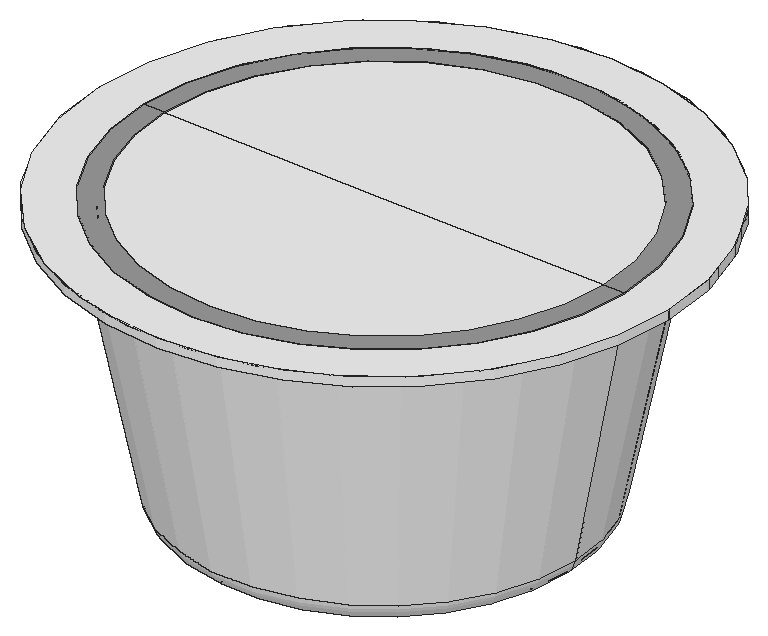
Revit family "2060700", category Lighting Fixtures, host Face, Revit 2018
Family settings
  Host = Face
  Round Connector Dimension = Use Diameter
  Part Type = Normal
  OmniClass Number = 23.80.70.11.17
  OmniClass Title = Specialized Lighting by Location or Use
  Cut with Voids When Loaded = No
  Light Source = Yes
  Shared = No
  Room Calculation Point = No
Parameters (values of type "2060700 ASC100 II ARCH 980 4K IP65 DALI 160")
  WidthBezelAcc_SYL = 25.0 mm
  Weight = "n/a"
  Wattage = 7 W
  WarrantyStartDate [instance] = "n/a"
  WarrantyGuarantorParts = "n/a"
  WarrantyDurationUnit = "n/a"
  WarrantyDurationParts = ""
  WarrantyDescription = "http://www.sylvania-lighting.com"
  built-in parameter 1150110 = 1 (stored number, unit not read)
  Voltage = 0 V
  VisibilityAccessory_SYL = no
  TypeName = "ASCENT 100 II ARCH 980 4K IP65 DALI 160"
  built-in parameter 1114217 = 1 (stored number, unit not read)
  Tilt Angle = -90°
  built-in parameter 1150109 = 1 (stored number, unit not read)
  built-in parameter 1150134 = (empty or 0)
  built-in parameter 1150113 = 1 (stored number, unit not read)
  SerialNumber [instance] = "n/a"
  ReflectorRadius_SYL = Radius_SYL - 14.5 mm  # 80.0 mm
  RadiusAcc_SYL = 104.5 mm
  Radius_SYL = 94.5 mm
  URL = "0.95"
  PowerFactor = 0
  PowerConsumption = "Lighting"
  Photometric Web File = "2060700.ies"
  NominalWidth = 0.0 mm
  NominalLength = 209.0 mm
  NominalHeight = 94.0 mm
  Name = "ASCENT 100 II ARCH 980 4K IP65 DALI 160"
  ModelReference = "ASCENT 100 II ARCH 980 4K IP65 DALI 160"
  ModelNumber = "2060700"
  Material_4_SYL = none
  Material_3_SYL = Polycarbonate_Sylvania_Ascent_Opal
  Material_2_SYL = Aluminium_Sylvania_Ascent_Silver
  Material_1_SYL = Aluminum_Sylvania_Ascent_White
  Material = "Feilo Sylvania"
  ManufacturerName = "140 lm/W"
  LuminousEfficacy = ""
  built-in parameter 1150105 = 76.872 (stored number, unit not read)
  Lumens = 966 lm
  LuminaireType = "0"
  built-in parameter 1150115 = 1 (stored number, unit not read)
  LightOutputRatio = "LED"
  built-in parameter 1150137 = (empty or 0)
  built-in parameter 1150139 = (empty or 0)
  LampsType = Lamp  # "n/a"
  LampNominalLuminous = "4000 K"
  LampMacAdamStep = "80"
  LampColourTemperature = "LED"
  LampColourRenderingIndex = "16500"
  built-in parameter 1150112 = 1 (stored number, unit not read)
  built-in parameter 1150114 = 1 (stored number, unit not read)
  Keynote = "n/a"
  InstallationDate [instance] = "n/a"
  InputVoltage = "0"
  InputNominalFrequency = "4000"
  built-in parameter 1150132 = (empty or 0)
  built-in parameter 1150102 = (empty or 0)
  built-in parameter 1150107 = 3000 (stored number, unit not read)
  built-in parameter 1150138 = (empty or 0)
  IngressProtection = "IfcLightFixtureType"
  ImpactProtectionIndex = "IfcLightFixtureType"
  built-in parameter 1150106 = 0.76872 (stored number, unit not read)
  IfcExportType = "IfcLightFixtureType"
  IfcExportAs = "Class II"
  HeightAcc_SYL = 7.0 mm
  Height = 96.0 mm
  ExpectedLife = 50000
  EmittionSurface_SYL = if(VisibilityAccessory_SYL, 7.0 mm, 3.0 mm)  # 3.0 mm
  Emit from Circle Diameter = DiffuserRadius_SYL * 2  # 146.0 mm
  Emit Shape Visible in Rendering = no
  ElectricShockClassification = "140"
  built-in parameter 1150104 = 12.821 (stored number, unit not read)
  DurationUnit = "hours"
  DocumentationLiterature = "http://www.sylvania-lighting.com/product/en-int/products/2060700"
  DimmingControlOptions = "n/a"
  Dimming Lamp Color Temperature Shift = <None>
  DiffuserRadius_SYL = ReflectorRadius_SYL - 7.0 mm  # 73.0 mm
  Diameter_SYL = 2 * Radius_SYL  # 189.0 mm
  CutoutDiameter_SYL = Diameter_SYL - 13.0 mm  # 176.0 mm
  CreatedOn = "08/06/2021"
  CreatedBy = "@sylvania-lighting.com"
  Color Filter = 16777215
  built-in parameter 1114216 [instance] = 1 (stored number, unit not read)
  Model = "ASCENT 100 II ARCH 980 4K IP65 DALI 160"
  Manufacturer = ""
  Lamp = "n/a"
  Description = "Direct LED retro fit for original LED 100 Arch (160) single CFL lamp offering Matching lumen levels and improved light distribution of original LED 100 CFL lamp equivalents Typically half the power consumption compared to CFL Up to 112lm/W 160mm aperture Architectural reflector accepts range of glass accessories from existing LED 100 Arch 160 offering HE, HO and VHO versions equivalent of single 1 x 18W, 1 x 32W, 1 x 42W\r\n Additional VVHO versions which offer the performance circa 2 x 32W equivalent"  # constant formula
  Default Elevation = 0.0 mm
  built-in parameter 1140040 [instance] = 1
  BarCode [instance] = "n/a"
  built-in parameter 1114218 = 1 (stored number, unit not read)
  built-in parameter 1150133 = 10 (stored number, unit not read)
  AssetType = "Fixed"
  AssetIdentifier [instance] = "n/a"
  Assembly Code = "D5020200"
  Apparent Load = 7 VA
  Aperture_SYL = 2 * ReflectorRadius_SYL  # 160.0 mm
Reference planes
  plane 1 "Center (Front/Back)": y = 0
  plane 2: z = 0
  plane 3 "Center (Left/Right)": x = 0
  plane 4 "Fixture Bottom": z = 3
  plane 5: z = -52.5
  plane 6 "Fixture Top": z = -89
  plane 7: x = -104.5
  plane 8: z = 7
  plane 9: x = -79.5
  plane 10: z = 5
  plane 11: x = -102.5
Forms (mm)
  Extrusion 1, solid, material "Aluminum_Sylvania_Ascent_White", detail levels fine
    sketch origin (0, 0, 0) x (1, 0, 0) y (0, 1, 0)
      loop
        circle (0, 0) r 94.5
      loop
        circle (0, 0) r 80
    from 0 to 3
  Extrusion 2, void
    sketch origin (0, 0, 0) x (1, 0, 0) y (0, 1, 0)
      loop
        circle (0, 0) r 88
    from -89 to 3
  Revolve 3, solid, material "Aluminum_Sylvania_Ascent_White" <- "Material_1_SYL", detail levels fine
    sketch origin (0, 0, 0) x (1, 0, 0) y (0, 0, 1)
      loop
        line (0, -89.073) -> (0, -87.023) -> (-55.468, -87.014)
        arc (-55.468, -87.014) -> (-59.352, -85.613) -> (-61.54, -82.139) r 6.307
        line (-61.54, -82.139) -> (-77.991, -2.838) -> (-77.991, 0) -> (-80, 0) -> (-80, -3) -> (-63.5, -82.536)
        arc (-63.5, -82.536) -> (-60.643, -87.203) -> (-55.5, -89.073) r 8.291
        line (-55.5, -89.073) -> (0, -89.073)
      axis (0, 0) -> (0, -89.073)
    angle from 0 to 360
  Revolve 4, solid, material "Aluminium_Sylvania_Ascent_Silver" <- "Material_2_SYL", detail levels fine
    sketch origin (0, 0, 0) x (1, 0, 0) y (0, 0, 1)
      loop
        line (-80, 3) -> (-80, 0) -> (-75, 0)
        arc (-75, 0) -> (-72.349, -26.77) -> (-64.5, -52.5) r 136.5
        line (-64.5, -52.5) -> (-58, -52.5)
        arc (-58, -52.5) -> (-56.857, -61.521) -> (-53.5, -69.971) r 36.166
        line (-53.5, -69.971) -> (0, -69.971) -> (0, -50.5) -> (-63.16, -50.5)
        arc (-63.16, -50.5) -> (-70.517, -25.725) -> (-73, 0) r 134.5
        line (-73, 0) -> (-73, 3) -> (-80, 3)
      axis (0, 3) -> (0, -69.971)
    angle from 0 to 360
  Revolve 5, solid, material "Aluminum_Sylvania_Ascent_White" <- "Material_1_SYL", detail levels medium+fine
    sketch origin (0, 0, 0) x (1, 0, 0) y (0, 0, 1)
      loop
        line (0, -89.073) -> (0, 3) -> (-94.5, 3) -> (-94.5, 0) -> (-79.5, 0) -> (-79.5, -3) -> (-63, -82.536)
        arc (-63, -82.536) -> (-60.143, -87.203) -> (-55, -89.073) r 8.291
        line (-55, -89.073) -> (0, -89.073)
      axis (0, 3) -> (0, -89.073)
    angle from 0 to 360
  Revolve 6, solid, material "Aluminum_Sylvania_Ascent_White" <- "Material_1_SYL", visible <- "VisibilityAccessory_SYL", detail levels medium+fine
    sketch origin (0, 0, 0) x (1, 0, 0) y (0, 0, 1)
      loop
        line (-104.5, 0) -> (-102.5, 0) -> (-102.5, 5) -> (-79.5, 5) -> (-79.5, 7) -> (-104.5, 7) -> (-104.5, 0)
      axis (0, 7) -> (0, 0)
    angle from 0 to 360
  Extrusion 7, solid, detail levels coarse
    sketch origin (0, 0, 0) x (1, 0, 0) y (0, 0, 1)
      loop
        line (104.421, 7) -> (-104.5, 7) -> (-104.5, -89) -> (104.421, -89) -> (104.421, 7)
    from -104.368 to 104.563
Lines and regions (mm)
  reference lines
    curve 1: line (-149.5, 0, 3) -> (125, 0, 3)
Dimensions and locks
  locked: plane 4 "Fixture Bottom" to plane 2 at 3
  "ReflectorRadius_SYL": plane 3 "Center (Left/Right)" to Revolve 4 sketch curve
  locked: Revolve 4 sketch curve to Revolve 4 sketch curve at 15.5
  locked: Revolve 4 sketch curve to Revolve 4 sketch curve at 5
  locked: Revolve 4 sketch curve to Revolve 4 sketch curve at 7
  locked: Revolve 4 sketch curve to Revolve 4 sketch curve at 22
  locked: Revolve 4 sketch curve to Revolve 4 sketch curve at 26.5
  locked: Revolve 3 sketch curve to Revolve 3 sketch curve at 16.5
  locked: Revolve 3 sketch curve to Revolve 3 sketch curve at 24.5
  "ReflectorRadius_SYL": Revolve 3 sketch curve to plane 3 "Center (Left/Right)"
  locked: Revolve 3 sketch curve to plane 6 "Fixture Top" at 6.464
  locked: plane 2 to Revolve 3 sketch curve at 3
  locked: Revolve 3 sketch curve to Revolve 3 sketch curve at 2
  locked: Revolve 3 sketch curve to Revolve 3 sketch curve at 2.009
  locked: plane 2 to plane 5 at 52.5
  locked: Revolve 5 sketch curve to Revolve 5 sketch curve at 31.5
  locked: Revolve 5 sketch curve to Revolve 5 sketch curve at 39.5
  locked: Revolve 5 sketch curve to Revolve 5 sketch curve at 15
  "Radius_SYL": plane 3 "Center (Left/Right)" to Revolve 5 sketch curve
  "RadiusAcc_SYL": plane 3 "Center (Left/Right)" to plane 7
  "HeightAcc_SYL": plane 8 to level
  locked: plane 7 to plane 11 at 2
  locked: plane 8 to plane 10 at 2
  "Height": plane 6 "Fixture Top" to plane 8
  "CutoutDiameter_SYL": diameter of Extrusion 2 sketch curve
  "ReflectorRadius_SYL": radius of Extrusion 1 sketch curve
  "Radius_SYL": radius of Extrusion 1 sketch curve
  aligned and locked: host face to plane 2
  aligned and locked: host face to level
  aligned and locked: plane 4 "Fixture Bottom" to Extrusion 1
  aligned and locked: Extrusion 1 to plane 2
  aligned and locked: Revolve 3 sketch curve to plane 3 "Center (Left/Right)"
  aligned and locked: Revolve 4 sketch curve to plane 3 "Center (Left/Right)"  (x2)
  aligned and locked: plane 4 "Fixture Bottom" to Revolve 4 sketch curve
  aligned and locked: plane 2 to Revolve 3 sketch curve  (x2)
  aligned and locked: Revolve 5 sketch curve to plane 3 "Center (Left/Right)"
  aligned and locked: plane 6 "Fixture Top" to Extrusion 2
  aligned and locked: Revolve 6 sketch curve to plane 3 "Center (Left/Right)"
  aligned and locked: host face to Revolve 6 sketch curve  (x2)
  aligned and locked: Revolve 6 sketch curve to plane 7
  aligned and locked: plane 8 to Revolve 6 sketch curve
  aligned and locked: plane 9 to Revolve 6 sketch curve
  aligned and locked: Revolve 6 sketch curve to plane 10
  aligned and locked: plane 11 to Revolve 6 sketch curve
  aligned and locked: plane 3 "Center (Left/Right)" to imposter light
  aligned and locked: imposter light to plane 1 "Center (Front/Back)"
  aligned and locked: imposter light to curve 1
Automatic sketch dimensions
  plane 1 "Center (Front/Back)" to Extrusion 2 sketch curve = 0.0 mm
  Extrusion 2 sketch curve to plane 3 "Center (Left/Right)" = 0.0 mm
  Extrusion 1 sketch curve to Extrusion 1 sketch curve = 0.0 mm  (x2)
  plane 1 "Center (Front/Back)" to Extrusion 1 sketch curve = 0.0 mm
  Extrusion 1 sketch curve to plane 3 "Center (Left/Right)" = 0.0 mm
  plane 6 "Fixture Top" to Revolve 3 sketch curve = 0.073 mm
  Revolve 3 sketch curve to plane 6 "Fixture Top" = 6.861 mm
  Revolve 3 sketch curve to Revolve 3 sketch curve = 0.003 mm
  Revolve 3 sketch curve to Revolve 3 sketch curve = 0.009 mm  (x2)
  Revolve 3 sketch curve to Revolve 3 sketch curve = 0.023 mm
  Revolve 3 sketch curve to Revolve 3 sketch curve = 0.072 mm
  Revolve 3 sketch curve to Revolve 3 sketch curve = 0.008 mm
  Revolve 3 sketch curve to plane 6 "Fixture Top" = 1.977 mm
  Revolve 3 sketch curve to Revolve 3 sketch curve = 33.496 mm
  Revolve 3 sketch curve to Revolve 3 sketch curve = 0.028 mm
  plane 4 "Fixture Bottom" to Revolve 3 sketch curve = 82.431 mm
  Revolve 4 sketch curve to Revolve 4 sketch curve = 0.0 mm  (x2)
  Revolve 4 sketch curve to plane 5 = 0.0 mm
  Revolve 4 sketch curve to level = 0.0 mm
  plane 5 to Revolve 4 sketch curve = 2.0 mm
  plane 4 "Fixture Bottom" to Revolve 4 sketch curve = 9.642 mm
  Revolve 4 sketch curve to level = 69.971 mm
  Revolve 4 sketch curve to Revolve 4 sketch curve = 2.387 mm
  Revolve 5 sketch curve to level = 0.0 mm
  Revolve 5 sketch curve to plane 3 "Center (Left/Right)" = 0.0 mm
  Revolve 5 sketch curve to Revolve 5 sketch curve = 8.104 mm
  Revolve 5 sketch curve to level = 3.0 mm
  Revolve 5 sketch curve to plane 6 "Fixture Top" = 6.464 mm
  plane 6 "Fixture Top" to Revolve 5 sketch curve = 0.073 mm
  Revolve 5 sketch curve to Revolve 5 sketch curve = 33.496 mm
  plane 4 "Fixture Bottom" to Revolve 5 sketch curve = 82.431 mm
  host sketch curve to host sketch curve = 1704.996 mm
  host sketch curve to host sketch curve = 1500.0 mm
  plane 6 "Fixture Top" to Revolve 6 sketch curve = 281.274 mm
  Revolve 6 sketch curve to plane 8 = 1140.706 mm
  Revolve 3 sketch curve to plane 3 "Center (Left/Right)" = 0.0 mm
  Revolve 5 sketch curve to plane 4 "Fixture Bottom" = 0.0 mm
  plane 7 to curve 1 = 45.0 mm
  plane 3 "Center (Left/Right)" to curve 1 = 125.0 mm
  curve 1 to plane 4 "Fixture Bottom" = 0.0 mm
  plane 7 to Extrusion 7 sketch curve = 0.0 mm
  Extrusion 7 sketch curve to plane 6 "Fixture Top" = 0.0 mm
  Extrusion 7 sketch curve to plane 8 = 0.0 mm
  plane 3 "Center (Left/Right)" to Extrusion 7 sketch curve = 104.421 mm
Connectors
  electrical at (0, 0, -89.073), driven by "Apparent Load"
    settings: on Revolve 3, index 1, voltage 240 V, apparent load 0 VA, apparent load phase1 7 VA, apparent load phase2 0 VA, apparent load phase3 0 VA, power factor 1, load classification "Lighting", number of poles 1, system type 31, power factor state 1, is connector primary yes, connector utility no, sub classification motor no, connector description ""
